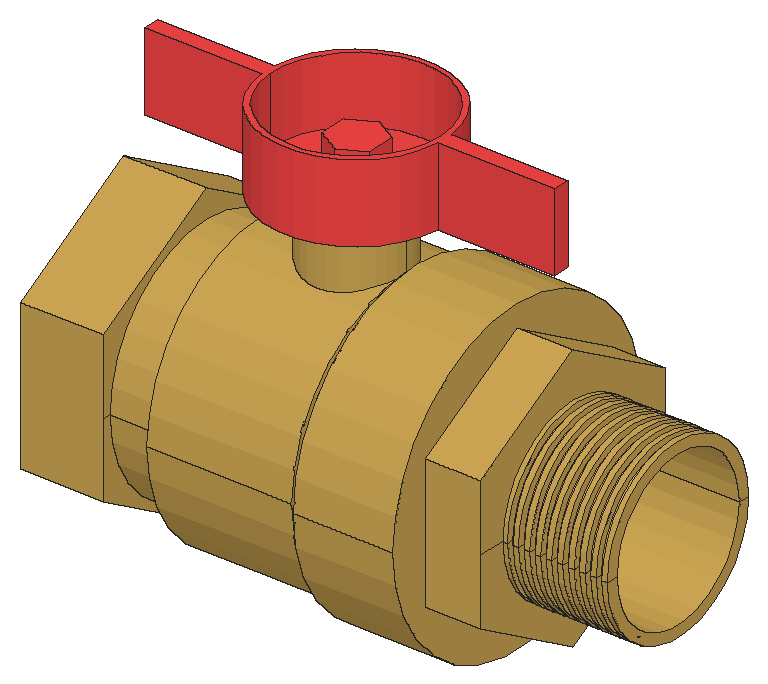
Revit family "Pipe_System-Valve", category Pipe Accessories, Revit 2019
Family settings
  Round Connector Dimension = Use Diameter
  Part Type = Normal
  Work Plane-Based = No
  Always vertical = Yes
  Cut with Voids When Loaded = No
  Shared = Yes
Parameters (values of type "RED")
  URL = ""
  Manufacturer = "Valsir S.p.A."  # constant formula
  Diameter [instance] = 31.8 mm
  Colour = Plastic, Red
Types (3, lengths in mm): name | Colour
  (no name) | Plastic, Red
  BLUE | Plastic, Blue
  RED | Plastic, Red
Reference planes
  plane 1 "Centro (Fronte/Retro)": y = 0
  plane 2: z = 0
  plane 3 "Centro (Sinistra/Destra)": x = 0
Forms (mm)
  Revolve 1, solid, material "BRASS"
    sketch origin (0, 0, 0) x (1, 0, 0) y (0, 1, 0)
      loop
        line (0, 13.875) -> (0, 15.875) -> (-1, 15.875) -> (-1, 14.875) -> (-2, 14.875) -> (-2, 15.875) -> (-3, 15.875) -> (-3, 14.875) -> (-4, 14.875) -> (-4, 15.875) -> (-5, 15.875) -> (-5, 14.875) -> (-6, 14.875) -> (-6, 15.875) -> (-7, 15.875) -> (-7, 14.875) -> (-8, 14.875) -> (-8, 15.875) -> (-9, 15.875) -> (-9, 14.875) -> (-10, 14.875) -> (-10, 15.875) -> (-11, 15.875) -> (-11, 14.875) -> (-12, 14.875) -> (-12, 15.875) -> (-13, 15.875) -> (-13, 14.875) -> (-14, 14.875) -> (-14, 15.875) -> (-15, 15.875) -> (-15, 14.875) -> (-16, 14.875) -> (-16, 15.875) -> (-17, 15.875) -> (-17, 14.875) -> (-18, 14.875) -> (-18, 15.875) -> (-19, 15.875) -> (-19, 24) -> (-29, 24) -> (-29, 28) -> (-47, 28) -> (-49, 26) -> (-75, 26) -> (-75, 22) -> (-85, 22) -> (-85, 27) -> (-100, 27) -> (-100, 15.875) -> (-85, 15.875) -> (-85, 13.875) -> (0, 13.875)
      axis (-100, 0) -> (0, 0)
    angle from 0 to 360
  Extrusion 2, solid, material "Plastic, Red" <- "Colour"
    sketch origin (1, 0, 0) x (1, 0, 0) y (0, 1, 0)
      loop
        line (-96, 1.5) -> (-96, -1.5) -> (-74.93, -1.5)
        arc (-74.93, -1.5) -> (-59, -16) -> (-43.07, -1.5) r 16
        line (-43.07, -1.5) -> (-22, -1.5) -> (-22, 1.5) -> (-43.07, 1.5)
        arc (-43.07, 1.5) -> (-59, 16) -> (-74.93, 1.5) r 16
        line (-74.93, 1.5) -> (-96, 1.5)
    from 36 to 50
  Extrusion 3, solid, material "BRASS"
    sketch origin (1, 0, 0) x (1, 0, 0) y (0, 1, 0)
      loop
        circle (-59, 0) r 9
    from 0 to 36
  Extrusion 4, void
    sketch origin (-100, 0, 0) x (0, -1, 0) y (0, 0, -1)
      loop
        line (0, -27) -> (23.383, -13.5) -> (23.383, 13.5) -> (0, 27) -> (-23.383, 13.5) -> (-23.383, -13.5) -> (0, -27)
      loop
        line (-29.383, -16.964) -> (0, -33.928) -> (29.383, -16.964) -> (29.383, 16.964) -> (0, 33.928) -> (-29.383, 16.964) -> (-29.383, -16.964)
    from 0 to 15
  Extrusion 5, void
    sketch origin (-29, 0, 0) x (0, 0, 1) y (0, 1, 0)
      loop
        line (16.964, 29.383) -> (-16.964, 29.383) -> (-33.928, 0) -> (-16.964, -29.383) -> (16.964, -29.383) -> (33.928, 0) -> (16.964, 29.383)
      loop
        line (24, 0) -> (12, 20.785) -> (-12, 20.785) -> (-24, 0) -> (-12, -20.785) -> (12, -20.785) -> (24, 0)
    from 0 to -10
  Extrusion 6, void
    sketch origin (0, 0, 0) x (1, 0, 0) y (0, 1, 0)
      loop
        arc (-43.011, 0.562) -> (-58.675, 14.985) -> (-72.979, -0.788) r 15
        arc (-72.979, -0.788) -> (-57.325, -14.985) -> (-43.011, 0.562) r 15
      loop
        line (-58, 5) -> (-62.33, 2.5) -> (-62.33, -2.5) -> (-58, -5) -> (-53.67, -2.5) -> (-53.67, 2.5) -> (-58, 5)
    from 38 to 50
  Extrusion 7, void
    sketch origin (0, 0, 0) x (1, 0, 0) y (0, 1, 0)
      loop
        line (-58, 5) -> (-62.33, 2.5) -> (-62.33, -2.5) -> (-58, -5) -> (-53.67, -2.5) -> (-53.67, 2.5) -> (-58, 5)
    from 45 to 50
Cuts and joins
  Extrusion 4, Extrusion 5, Extrusion 6 cuts Revolve 1
  Extrusion 4, Extrusion 6 cuts Extrusion 3
  Extrusion 6, Extrusion 7 cuts Extrusion 2
Dimensions and locks
  aligned and locked: level to plane 2
  aligned and locked: Extrusion 4 to Revolve 1
  aligned and locked: Extrusion 5 to Revolve 1
  aligned and locked: Extrusion 3 to Extrusion 2
Connectors
  piping at (0, 0, 0), diameter 31.8, driven by "Diameter"
    settings: on cut or joined group of Revolve 1, Extrusion 4, Extrusion 5, Extrusion 6, index 1, connector inside diameter 609.6 mm, connector length 0 mm, flow factor 0, pipe flow 0.0 L/s, pressure drop 0.0 Pa, fitting loss kfactor 0, connector angle 0.00°, fixture units 0, engagement length 0 mm, angle of deflection 0.00°, flow configuration 0, flow direction 0, fitting loss method 0, system type 28, joint type 0, gender type 0, connector reference index 2, connector utility 0, adjustable connector no, is connector primary yes, connector description ""
  piping at (-85, 0, 0), diameter 31.8, driven by "Diameter"
    settings: on cut or joined group of Revolve 1, Extrusion 4, Extrusion 5, Extrusion 6, index 2, connector inside diameter 609.6 mm, connector length 0 mm, flow factor 0, pipe flow 0.0 L/s, pressure drop 0.0 Pa, fitting loss kfactor 0, connector angle 0.00°, fixture units 0, engagement length 0 mm, angle of deflection 0.00°, flow configuration 0, flow direction 0, fitting loss method 0, system type 28, joint type 0, gender type 0, connector reference index 1, connector utility 0, adjustable connector no, is connector primary no, connector description ""
